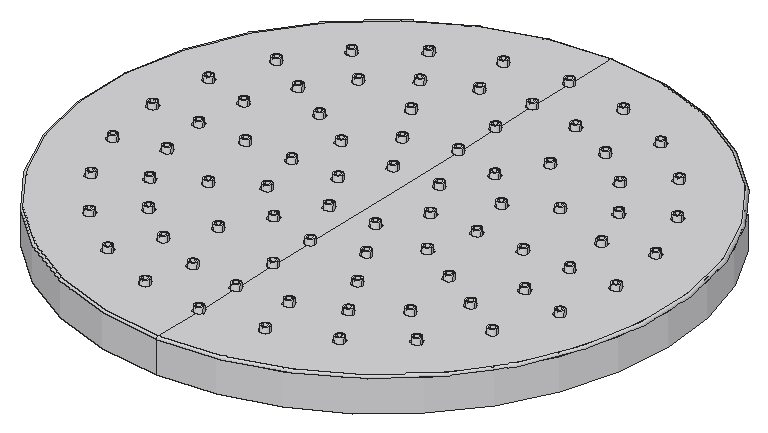
Revit family "Shower-Showerhead-KOHLER-Contemporary-K-99945T_1", category Plumbing Fixtures, host Face, Revit 2017 (continued)
Definition of nested family "K-99945T"
  Lines and regions (in)
    symbolic lines, detail levels medium+fine
      curve 273: arc (-0.73254, 2.51348, 0) -> (-0.67348, 2.57253, 0) -> (-0.61443, 2.51348, 0) r 0.05906
      curve 274: arc (-0.74907, 2.51348, 0) -> (-0.67348, 2.58907, 0) -> (-0.59789, 2.51348, 0) r 0.07559
      curve 275: arc (-0.61443, 2.51348, 0) -> (-0.67348, 2.45442, 0) -> (-0.73254, 2.51348, 0) r 0.05906
      curve 276: arc (-0.59789, 2.51348, 0) -> (-0.67348, 2.43789, 0) -> (-0.74907, 2.51348, 0) r 0.07559
      curve 277: arc (-0.68912, 1.12541, 0) -> (-0.64975, 1.08604, 0) -> (-0.61038, 1.12541, 0) r 0.03937
      curve 278: arc (-0.5907, 1.12541, 0) -> (-0.64975, 1.06635, 0) -> (-0.70881, 1.12541, 0) r 0.05906
      curve 279: arc (-0.61252, 1.06092, 0) -> (-0.71425, 1.08817, 0) -> (-0.68699, 1.1899, 0) r 0.07447
      curve 280: arc (-0.61038, 1.12541, 0) -> (-0.64975, 1.16478, 0) -> (-0.68912, 1.12541, 0) r 0.03937
      curve 281: arc (-0.70881, 1.12541, 0) -> (-0.64975, 1.18446, 0) -> (-0.5907, 1.12541, 0) r 0.05906
      curve 282: arc (-0.68699, 1.1899, 0) -> (-0.58526, 1.16264, 0) -> (-0.61252, 1.06092, 0) r 0.07447
      curve 283: arc (-0.93816, 1.62494, 0) -> (-1.03989, 1.6522, 0) -> (-1.01263, 1.75392, 0) r 0.07447
      curve 284: arc (-1.01263, 1.75392, 0) -> (-0.9109, 1.72667, 0) -> (-0.93816, 1.62494, 0) r 0.07447
      curve 285: arc (-1.03445, 1.68943, 0) -> (-0.97539, 1.74849, 0) -> (-0.91634, 1.68943, 0) r 0.05906
      curve 286: arc (-0.91634, 1.68943, 0) -> (-0.97539, 1.63038, 0) -> (-1.03445, 1.68943, 0) r 0.05906
      curve 287: arc (-1.01476, 1.68943, 0) -> (-0.97539, 1.65006, 0) -> (-0.93602, 1.68943, 0) r 0.03937
      curve 288: arc (-0.93602, 1.68943, 0) -> (-0.97539, 1.7288, 0) -> (-1.01476, 1.68943, 0) r 0.03937
      curve 289: arc (-1.33827, 2.31795, 0) -> (-1.23654, 2.29069, 0) -> (-1.2638, 2.18897, 0) r 0.07447
      curve 290: arc (-1.36009, 2.25346, 0) -> (-1.30103, 2.31251, 0) -> (-1.24198, 2.25346, 0) r 0.05906
      curve 291: arc (-1.26166, 2.25346, 0) -> (-1.30103, 2.29283, 0) -> (-1.3404, 2.25346, 0) r 0.03937
      curve 292: arc (-1.3404, 2.25346, 0) -> (-1.30103, 2.21409, 0) -> (-1.26166, 2.25346, 0) r 0.03937
      curve 293: arc (-1.24198, 2.25346, 0) -> (-1.30103, 2.1944, 0) -> (-1.36009, 2.25346, 0) r 0.05906
      curve 294: arc (-1.2638, 2.18897, 0) -> (-1.36553, 2.21622, 0) -> (-1.33827, 2.31795, 0) r 0.07447
      curve 295: arc (-1.68573, 2.81748, 0) -> (-1.62667, 2.87654, 0) -> (-1.56762, 2.81748, 0) r 0.05906
      curve 296: arc (-1.56762, 2.81748, 0) -> (-1.62667, 2.75843, 0) -> (-1.68573, 2.81748, 0) r 0.05906
      curve 297: arc (-1.66604, 2.81748, 0) -> (-1.62667, 2.77811, 0) -> (-1.5873, 2.81748, 0) r 0.03937
      curve 298: arc (-1.5873, 2.81748, 0) -> (-1.62667, 2.85685, 0) -> (-1.66604, 2.81748, 0) r 0.03937
      curve 299: arc (-1.58944, 2.75299, 0) -> (-1.69117, 2.78025, 0) -> (-1.66391, 2.88198, 0) r 0.07447
      curve 300: arc (-1.66391, 2.88198, 0) -> (-1.56218, 2.85472, 0) -> (-1.58944, 2.75299, 0) r 0.07447
      curve 301: arc (-2.23859, 2.30001, 0) -> (-2.29764, 2.24095, 0) -> (-2.3567, 2.30001, 0) r 0.05906
      curve 302: arc (-2.33701, 2.30001, 0) -> (-2.29764, 2.26064, 0) -> (-2.25827, 2.30001, 0) r 0.03937
      curve 303: arc (-2.25827, 2.30001, 0) -> (-2.29764, 2.33938, 0) -> (-2.33701, 2.30001, 0) r 0.03937
      curve 304: arc (-2.3567, 2.30001, 0) -> (-2.29764, 2.35906, 0) -> (-2.23859, 2.30001, 0) r 0.05906
      curve 305: arc (-2.37323, 2.30001, 0) -> (-2.29764, 2.3756, 0) -> (-2.22205, 2.30001, 0) r 0.07559
      curve 306: arc (-2.22205, 2.30001, 0) -> (-2.29764, 2.22442, 0) -> (-2.37323, 2.30001, 0) r 0.07559
      curve 307: arc (-1.87751, 1.83994, 0) -> (-1.83814, 1.80057, 0) -> (-1.79877, 1.83994, 0) r 0.03937
      curve 308: arc (-1.79877, 1.83994, 0) -> (-1.83814, 1.87931, 0) -> (-1.87751, 1.83994, 0) r 0.03937
      curve 309: arc (-1.89719, 1.83994, 0) -> (-1.83814, 1.89899, 0) -> (-1.77908, 1.83994, 0) r 0.05906
      curve 310: arc (-1.91373, 1.83994, 0) -> (-1.83814, 1.91553, 0) -> (-1.76255, 1.83994, 0) r 0.07559
      curve 311: arc (-1.76255, 1.83994, 0) -> (-1.83814, 1.76435, 0) -> (-1.91373, 1.83994, 0) r 0.07559
      curve 312: arc (-1.77908, 1.83994, 0) -> (-1.83814, 1.78088, 0) -> (-1.89719, 1.83994, 0) r 0.05906
      curve 313: arc (-2.73935, 1.62521, 0) -> (-2.81494, 1.54962, 0) -> (-2.89053, 1.62521, 0) r 0.07559
      curve 314: arc (-2.75588, 1.62521, 0) -> (-2.81494, 1.56615, 0) -> (-2.874, 1.62521, 0) r 0.05906
      curve 315: arc (-2.874, 1.62521, 0) -> (-2.81494, 1.56615, 0) -> (-2.75588, 1.62521, 0) r 0.05906
      curve 316: arc (-2.75588, 1.62521, 0) -> (-2.81494, 1.68426, 0) -> (-2.874, 1.62521, 0) r 0.05906
      curve 317: arc (-2.89053, 1.62521, 0) -> (-2.81494, 1.7008, 0) -> (-2.73935, 1.62521, 0) r 0.07559
      curve 318: arc (-2.77557, 1.62521, 0) -> (-2.81494, 1.66458, 0) -> (-2.85431, 1.62521, 0) r 0.03937
      curve 319: arc (-2.85431, 1.62521, 0) -> (-2.81494, 1.58584, 0) -> (-2.77557, 1.62521, 0) r 0.03937
      curve 320: arc (-2.29074, 1.29983, 0) -> (-2.25137, 1.26046, 0) -> (-2.212, 1.29983, 0) r 0.03937
      curve 321: arc (-2.212, 1.29983, 0) -> (-2.25137, 1.3392, 0) -> (-2.29074, 1.29983, 0) r 0.03937
      curve 322: arc (-2.31042, 1.29983, 0) -> (-2.25137, 1.35888, 0) -> (-2.19231, 1.29983, 0) r 0.05906
      curve 323: arc (-2.32698, 1.29983, 0) -> (-2.25137, 1.37544, 0) -> (-2.17575, 1.29983, 0) r 0.07561
      curve 324: arc (-2.17575, 1.29983, 0) -> (-2.25137, 1.22422, 0) -> (-2.32698, 1.29983, 0) r 0.07561
      curve 325: arc (-2.19231, 1.29983, 0) -> (-2.25137, 1.24077, 0) -> (-2.31042, 1.29983, 0) r 0.05906
      curve 326: arc (-1.65006, 0.97539, 0) -> (-1.68943, 1.01476, 0) -> (-1.7288, 0.97539, 0) r 0.03937
      curve 327: arc (-1.74849, 0.97539, 0) -> (-1.68943, 1.03445, 0) -> (-1.63038, 0.97539, 0) r 0.05906
      curve 328: arc (-1.76502, 0.97539, 0) -> (-1.68943, 1.05099, 0) -> (-1.61384, 0.97539, 0) r 0.07559
      curve 329: arc (-1.61384, 0.97539, 0) -> (-1.68943, 0.8998, 0) -> (-1.76502, 0.97539, 0) r 0.07559
      curve 330: arc (-1.63038, 0.97539, 0) -> (-1.68943, 0.91634, 0) -> (-1.74849, 0.97539, 0) r 0.05906
      curve 331: arc (-1.7288, 0.97539, 0) -> (-1.68943, 0.93602, 0) -> (-1.65006, 0.97539, 0) r 0.03937
      curve 332: arc (-1.08557, 0.64948, 0) -> (-1.12494, 0.68885, 0) -> (-1.16431, 0.64948, 0) r 0.03937
      curve 333: arc (-1.16431, 0.64948, 0) -> (-1.12494, 0.61011, 0) -> (-1.08557, 0.64948, 0) r 0.03937
      curve 334: arc (-1.06588, 0.64948, 0) -> (-1.12494, 0.59043, 0) -> (-1.18399, 0.64948, 0) r 0.05906
      curve 335: arc (-1.04935, 0.64948, 0) -> (-1.12494, 0.57389, 0) -> (-1.20053, 0.64948, 0) r 0.07559
      curve 336: arc (-1.18399, 0.64948, 0) -> (-1.12494, 0.70854, 0) -> (-1.06588, 0.64948, 0) r 0.05906
      curve 337: arc (-1.20053, 0.64948, 0) -> (-1.12494, 0.72507, 0) -> (-1.04935, 0.64948, 0) r 0.07559
      curve 338: arc (-2.55073, 0.67292, 0) -> (-2.51136, 0.63355, 0) -> (-2.47198, 0.67292, 0) r 0.03937
      curve 339: arc (-2.47198, 0.67292, 0) -> (-2.51136, 0.71229, 0) -> (-2.55073, 0.67292, 0) r 0.03937
      curve 340: arc (-2.57041, 0.67292, 0) -> (-2.51136, 0.73197, 0) -> (-2.4523, 0.67292, 0) r 0.05906
      curve 341: arc (-2.58659, 0.67292, 0) -> (-2.51136, 0.74815, 0) -> (-2.43612, 0.67292, 0) r 0.07524
      curve 342: arc (-2.4523, 0.67292, 0) -> (-2.51136, 0.61386, 0) -> (-2.57041, 0.67292, 0) r 0.05906
      curve 343: arc (-2.43612, 0.67292, 0) -> (-2.51136, 0.59768, 0) -> (-2.58659, 0.67292, 0) r 0.07524
      curve 344: arc (-3.19791, 0.84105, 0) -> (-3.13885, 0.782, 0) -> (-3.0798, 0.84105, 0) r 0.05906
      curve 345: arc (-3.0798, 0.84105, 0) -> (-3.13885, 0.90011, 0) -> (-3.19791, 0.84105, 0) r 0.05906
      curve 346: arc (-3.21444, 0.84105, 0) -> (-3.13885, 0.91664, 0) -> (-3.06326, 0.84105, 0) r 0.07559
      curve 347: arc (-3.17822, 0.84105, 0) -> (-3.13885, 0.80168, 0) -> (-3.09948, 0.84105, 0) r 0.03937
      curve 348: arc (-3.09948, 0.84105, 0) -> (-3.13885, 0.88042, 0) -> (-3.17822, 0.84105, 0) r 0.03937
      curve 349: arc (-3.06326, 0.84105, 0) -> (-3.13885, 0.76546, 0) -> (-3.21444, 0.84105, 0) r 0.07559
      curve 350: arc (-0.88083, -3.14036, 0) -> (-0.84146, -3.10099, 0) -> (-0.80209, -3.14036, 0) r 0.03937
      curve 351: arc (-0.80209, -3.14036, 0) -> (-0.84146, -3.17973, 0) -> (-0.88083, -3.14036, 0) r 0.03937
      curve 352: arc (-0.90051, -3.14036, 0) -> (-0.84146, -3.19941, 0) -> (-0.7824, -3.14036, 0) r 0.05906
      curve 353: arc (-0.91705, -3.14036, 0) -> (-0.84146, -3.21595, 0) -> (-0.76587, -3.14036, 0) r 0.07559
      curve 354: arc (-0.76587, -3.14036, 0) -> (-0.84146, -3.06477, 0) -> (-0.91705, -3.14036, 0) r 0.07559
      curve 355: arc (-0.7824, -3.14036, 0) -> (-0.84146, -3.0813, 0) -> (-0.90051, -3.14036, 0) r 0.05906
      curve 356: arc (-0.71285, -2.51348, 0) -> (-0.67348, -2.47411, 0) -> (-0.63411, -2.51348, 0) r 0.03937
      curve 357: arc (-0.63411, -2.51348, 0) -> (-0.67348, -2.55285, 0) -> (-0.71285, -2.51348, 0) r 0.03937
      curve 358: arc (-0.73254, -2.51348, 0) -> (-0.67348, -2.57253, 0) -> (-0.61443, -2.51348, 0) r 0.05906
      curve 359: arc (-0.74907, -2.51348, 0) -> (-0.67348, -2.58907, 0) -> (-0.59789, -2.51348, 0) r 0.07559
      curve 360: arc (-0.61443, -2.51348, 0) -> (-0.67348, -2.45442, 0) -> (-0.73254, -2.51348, 0) r 0.05906
      curve 361: arc (-0.59789, -2.51348, 0) -> (-0.67348, -2.43789, 0) -> (-0.74907, -2.51348, 0) r 0.07559
      curve 362: arc (-0.68912, -1.12541, 0) -> (-0.64975, -1.08604, 0) -> (-0.61038, -1.12541, 0) r 0.03937
      curve 363: arc (-0.5907, -1.12541, 0) -> (-0.64975, -1.06635, 0) -> (-0.70881, -1.12541, 0) r 0.05906
      curve 364: arc (-0.61252, -1.06092, 0) -> (-0.71425, -1.08817, 0) -> (-0.68699, -1.1899, 0) r 0.07447
      curve 365: arc (-0.61038, -1.12541, 0) -> (-0.64975, -1.16478, 0) -> (-0.68912, -1.12541, 0) r 0.03937
      curve 366: arc (-0.70881, -1.12541, 0) -> (-0.64975, -1.18446, 0) -> (-0.5907, -1.12541, 0) r 0.05906
      curve 367: arc (-0.68699, -1.1899, 0) -> (-0.58526, -1.16264, 0) -> (-0.61252, -1.06092, 0) r 0.07447
      curve 368: arc (-0.93816, -1.62494, 0) -> (-1.03989, -1.6522, 0) -> (-1.01263, -1.75392, 0) r 0.07447
      curve 369: arc (-1.01263, -1.75392, 0) -> (-0.9109, -1.72667, 0) -> (-0.93816, -1.62494, 0) r 0.07447
      curve 370: arc (-1.03445, -1.68943, 0) -> (-0.97539, -1.74849, 0) -> (-0.91634, -1.68943, 0) r 0.05906
      curve 371: arc (-0.91634, -1.68943, 0) -> (-0.97539, -1.63038, 0) -> (-1.03445, -1.68943, 0) r 0.05906
      curve 372: arc (-1.01476, -1.68943, 0) -> (-0.97539, -1.65006, 0) -> (-0.93602, -1.68943, 0) r 0.03937
      curve 373: arc (-0.93602, -1.68943, 0) -> (-0.97539, -1.7288, 0) -> (-1.01476, -1.68943, 0) r 0.03937
      curve 374: arc (-1.33827, -2.31795, 0) -> (-1.23654, -2.29069, 0) -> (-1.2638, -2.18897, 0) r 0.07447
      curve 375: arc (-1.36009, -2.25346, 0) -> (-1.30103, -2.31251, 0) -> (-1.24198, -2.25346, 0) r 0.05906
      curve 376: arc (-1.26166, -2.25346, 0) -> (-1.30103, -2.29283, 0) -> (-1.3404, -2.25346, 0) r 0.03937
      curve 377: arc (-1.3404, -2.25346, 0) -> (-1.30103, -2.21409, 0) -> (-1.26166, -2.25346, 0) r 0.03937
      curve 378: arc (-1.24198, -2.25346, 0) -> (-1.30103, -2.1944, 0) -> (-1.36009, -2.25346, 0) r 0.05906
      curve 379: arc (-1.2638, -2.18897, 0) -> (-1.36553, -2.21622, 0) -> (-1.33827, -2.31795, 0) r 0.07447
      curve 380: arc (-1.68573, -2.81748, 0) -> (-1.62667, -2.87654, 0) -> (-1.56762, -2.81748, 0) r 0.05906
      curve 381: arc (-1.56762, -2.81748, 0) -> (-1.62667, -2.75843, 0) -> (-1.68573, -2.81748, 0) r 0.05906
      curve 382: arc (-1.66604, -2.81748, 0) -> (-1.62667, -2.77811, 0) -> (-1.5873, -2.81748, 0) r 0.03937
      curve 383: arc (-1.5873, -2.81748, 0) -> (-1.62667, -2.85685, 0) -> (-1.66604, -2.81748, 0) r 0.03937
      curve 384: arc (-1.58944, -2.75299, 0) -> (-1.69117, -2.78025, 0) -> (-1.66391, -2.88198, 0) r 0.07447
      curve 385: arc (-1.66391, -2.88198, 0) -> (-1.56218, -2.85472, 0) -> (-1.58944, -2.75299, 0) r 0.07447
      curve 386: arc (-2.23859, -2.30001, 0) -> (-2.29764, -2.24095, 0) -> (-2.3567, -2.30001, 0) r 0.05906
      curve 387: arc (-2.33701, -2.30001, 0) -> (-2.29764, -2.26064, 0) -> (-2.25827, -2.30001, 0) r 0.03937
      curve 388: arc (-2.25827, -2.30001, 0) -> (-2.29764, -2.33938, 0) -> (-2.33701, -2.30001, 0) r 0.03937
      curve 389: arc (-2.3567, -2.30001, 0) -> (-2.29764, -2.35906, 0) -> (-2.23859, -2.30001, 0) r 0.05906
      curve 390: arc (-2.37323, -2.30001, 0) -> (-2.29764, -2.3756, 0) -> (-2.22205, -2.30001, 0) r 0.07559
      curve 391: arc (-2.22205, -2.30001, 0) -> (-2.29764, -2.22442, 0) -> (-2.37323, -2.30001, 0) r 0.07559
      curve 392: arc (-1.87751, -1.83994, 0) -> (-1.83814, -1.80057, 0) -> (-1.79877, -1.83994, 0) r 0.03937
      curve 393: arc (-1.79877, -1.83994, 0) -> (-1.83814, -1.87931, 0) -> (-1.87751, -1.83994, 0) r 0.03937
      curve 394: arc (-1.89719, -1.83994, 0) -> (-1.83814, -1.89899, 0) -> (-1.77908, -1.83994, 0) r 0.05906
      curve 395: arc (-1.91373, -1.83994, 0) -> (-1.83814, -1.91553, 0) -> (-1.76255, -1.83994, 0) r 0.07559
      curve 396: arc (-1.76255, -1.83994, 0) -> (-1.83814, -1.76435, 0) -> (-1.91373, -1.83994, 0) r 0.07559
      curve 397: arc (-1.77908, -1.83994, 0) -> (-1.83814, -1.78088, 0) -> (-1.89719, -1.83994, 0) r 0.05906
      curve 398: arc (-2.73935, -1.62521, 0) -> (-2.81494, -1.54962, 0) -> (-2.89053, -1.62521, 0) r 0.07559
      curve 399: arc (-2.75588, -1.62521, 0) -> (-2.81494, -1.56615, 0) -> (-2.874, -1.62521, 0) r 0.05906
      curve 400: arc (-2.874, -1.62521, 0) -> (-2.81494, -1.56615, 0) -> (-2.75588, -1.62521, 0) r 0.05906
      curve 401: arc (-2.75588, -1.62521, 0) -> (-2.81494, -1.68426, 0) -> (-2.874, -1.62521, 0) r 0.05906
      curve 402: arc (-2.89053, -1.62521, 0) -> (-2.81494, -1.7008, 0) -> (-2.73935, -1.62521, 0) r 0.07559
      curve 403: arc (-2.77557, -1.62521, 0) -> (-2.81494, -1.66458, 0) -> (-2.85431, -1.62521, 0) r 0.03937
      curve 404: arc (-2.85431, -1.62521, 0) -> (-2.81494, -1.58584, 0) -> (-2.77557, -1.62521, 0) r 0.03937
      curve 405: arc (-2.29074, -1.29983, 0) -> (-2.25137, -1.26046, 0) -> (-2.212, -1.29983, 0) r 0.03937
      curve 406: arc (-2.212, -1.29983, 0) -> (-2.25137, -1.3392, 0) -> (-2.29074, -1.29983, 0) r 0.03937
      curve 407: arc (-2.31042, -1.29983, 0) -> (-2.25137, -1.35888, 0) -> (-2.19231, -1.29983, 0) r 0.05906
      curve 408: arc (-2.32698, -1.29983, 0) -> (-2.25137, -1.37544, 0) -> (-2.17575, -1.29983, 0) r 0.07561
      curve 409: arc (-2.17575, -1.29983, 0) -> (-2.25137, -1.22422, 0) -> (-2.32698, -1.29983, 0) r 0.07561
      curve 410: arc (-2.19231, -1.29983, 0) -> (-2.25137, -1.24077, 0) -> (-2.31042, -1.29983, 0) r 0.05906
      curve 411: arc (-1.65006, -0.97539, 0) -> (-1.68943, -1.01476, 0) -> (-1.7288, -0.97539, 0) r 0.03937
      curve 412: arc (-1.74849, -0.97539, 0) -> (-1.68943, -1.03445, 0) -> (-1.63038, -0.97539, 0) r 0.05906
      curve 413: arc (-1.76502, -0.97539, 0) -> (-1.68943, -1.05099, 0) -> (-1.61384, -0.97539, 0) r 0.07559
      curve 414: arc (-1.61384, -0.97539, 0) -> (-1.68943, -0.8998, 0) -> (-1.76502, -0.97539, 0) r 0.07559
      curve 415: arc (-1.63038, -0.97539, 0) -> (-1.68943, -0.91634, 0) -> (-1.74849, -0.97539, 0) r 0.05906
      curve 416: arc (-1.7288, -0.97539, 0) -> (-1.68943, -0.93602, 0) -> (-1.65006, -0.97539, 0) r 0.03937
      curve 417: arc (-1.08557, -0.64948, 0) -> (-1.12494, -0.68885, 0) -> (-1.16431, -0.64948, 0) r 0.03937
      curve 418: arc (-1.16431, -0.64948, 0) -> (-1.12494, -0.61011, 0) -> (-1.08557, -0.64948, 0) r 0.03937
      curve 419: arc (-1.06588, -0.64948, 0) -> (-1.12494, -0.59043, 0) -> (-1.18399, -0.64948, 0) r 0.05906
      curve 420: arc (-1.04935, -0.64948, 0) -> (-1.12494, -0.57389, 0) -> (-1.20053, -0.64948, 0) r 0.07559
      curve 421: arc (-1.18399, -0.64948, 0) -> (-1.12494, -0.70854, 0) -> (-1.06588, -0.64948, 0) r 0.05906
      curve 422: arc (-1.20053, -0.64948, 0) -> (-1.12494, -0.72507, 0) -> (-1.04935, -0.64948, 0) r 0.07559
      curve 423: arc (-2.55073, -0.67292, 0) -> (-2.51136, -0.63355, 0) -> (-2.47198, -0.67292, 0) r 0.03937
      curve 424: arc (-2.47198, -0.67292, 0) -> (-2.51136, -0.71229, 0) -> (-2.55073, -0.67292, 0) r 0.03937
      curve 425: arc (-2.57041, -0.67292, 0) -> (-2.51136, -0.73197, 0) -> (-2.4523, -0.67292, 0) r 0.05906
      curve 426: arc (-2.58659, -0.67292, 0) -> (-2.51136, -0.74815, 0) -> (-2.43612, -0.67292, 0) r 0.07524
      curve 427: arc (-2.4523, -0.67292, 0) -> (-2.51136, -0.61386, 0) -> (-2.57041, -0.67292, 0) r 0.05906
      curve 428: arc (-2.43612, -0.67292, 0) -> (-2.51136, -0.59768, 0) -> (-2.58659, -0.67292, 0) r 0.07524
      curve 429: arc (-3.19791, -0.84105, 0) -> (-3.13885, -0.782, 0) -> (-3.0798, -0.84105, 0) r 0.05906
      curve 430: arc (-3.0798, -0.84105, 0) -> (-3.13885, -0.90011, 0) -> (-3.19791, -0.84105, 0) r 0.05906
      curve 431: arc (-3.21444, -0.84105, 0) -> (-3.13885, -0.91664, 0) -> (-3.06326, -0.84105, 0) r 0.07559
      curve 432: arc (-3.17822, -0.84105, 0) -> (-3.13885, -0.80168, 0) -> (-3.09948, -0.84105, 0) r 0.03937
      curve 433: arc (-3.09948, -0.84105, 0) -> (-3.13885, -0.88042, 0) -> (-3.17822, -0.84105, 0) r 0.03937
      curve 434: arc (-3.06326, -0.84105, 0) -> (-3.13885, -0.76546, 0) -> (-3.21444, -0.84105, 0) r 0.07559
      curve 435: arc (0.88083, -3.14036, 0) -> (0.84146, -3.10099, 0) -> (0.80209, -3.14036, 0) r 0.03937
      curve 436: arc (0.80209, -3.14036, 0) -> (0.84146, -3.17973, 0) -> (0.88083, -3.14036, 0) r 0.03937
      curve 437: arc (0.90051, -3.14036, 0) -> (0.84146, -3.19941, 0) -> (0.7824, -3.14036, 0) r 0.05906
      curve 438: arc (0.91705, -3.14036, 0) -> (0.84146, -3.21595, 0) -> (0.76587, -3.14036, 0) r 0.07559
      curve 439: arc (0.76587, -3.14036, 0) -> (0.84146, -3.06477, 0) -> (0.91705, -3.14036, 0) r 0.07559
      curve 440: arc (0.7824, -3.14036, 0) -> (0.84146, -3.0813, 0) -> (0.90051, -3.14036, 0) r 0.05906
      curve 441: arc (0.71285, -2.51348, 0) -> (0.67348, -2.47411, 0) -> (0.63411, -2.51348, 0) r 0.03937
      curve 442: arc (0.63411, -2.51348, 0) -> (0.67348, -2.55285, 0) -> (0.71285, -2.51348, 0) r 0.03937
      curve 443: arc (0.73254, -2.51348, 0) -> (0.67348, -2.57253, 0) -> (0.61443, -2.51348, 0) r 0.05906
      curve 444: arc (0.74907, -2.51348, 0) -> (0.67348, -2.58907, 0) -> (0.59789, -2.51348, 0) r 0.07559
      curve 445: arc (0.61443, -2.51348, 0) -> (0.67348, -2.45442, 0) -> (0.73254, -2.51348, 0) r 0.05906
      curve 446: arc (0.59789, -2.51348, 0) -> (0.67348, -2.43789, 0) -> (0.74907, -2.51348, 0) r 0.07559
      curve 447: arc (0.68912, -1.12541, 0) -> (0.64975, -1.08604, 0) -> (0.61038, -1.12541, 0) r 0.03937
      curve 448: arc (0.5907, -1.12541, 0) -> (0.64975, -1.06635, 0) -> (0.70881, -1.12541, 0) r 0.05906
      curve 449: arc (0.61252, -1.06092, 0) -> (0.71425, -1.08817, 0) -> (0.68699, -1.1899, 0) r 0.07447
      curve 450: arc (0.61038, -1.12541, 0) -> (0.64975, -1.16478, 0) -> (0.68912, -1.12541, 0) r 0.03937
      curve 451: arc (0.70881, -1.12541, 0) -> (0.64975, -1.18446, 0) -> (0.5907, -1.12541, 0) r 0.05906
      curve 452: arc (0.68699, -1.1899, 0) -> (0.58526, -1.16264, 0) -> (0.61252, -1.06092, 0) r 0.07447
      curve 453: arc (0.93816, -1.62494, 0) -> (1.03989, -1.6522, 0) -> (1.01263, -1.75392, 0) r 0.07447
      curve 454: arc (1.01263, -1.75392, 0) -> (0.9109, -1.72667, 0) -> (0.93816, -1.62494, 0) r 0.07447
      curve 455: arc (1.03445, -1.68943, 0) -> (0.97539, -1.74849, 0) -> (0.91634, -1.68943, 0) r 0.05906
      curve 456: arc (0.91634, -1.68943, 0) -> (0.97539, -1.63038, 0) -> (1.03445, -1.68943, 0) r 0.05906
      curve 457: arc (1.01476, -1.68943, 0) -> (0.97539, -1.65006, 0) -> (0.93602, -1.68943, 0) r 0.03937
      curve 458: arc (0.93602, -1.68943, 0) -> (0.97539, -1.7288, 0) -> (1.01476, -1.68943, 0) r 0.03937
      curve 459: arc (1.33827, -2.31795, 0) -> (1.23654, -2.29069, 0) -> (1.2638, -2.18897, 0) r 0.07447
      curve 460: arc (1.36009, -2.25346, 0) -> (1.30103, -2.31251, 0) -> (1.24198, -2.25346, 0) r 0.05906
      curve 461: arc (1.26166, -2.25346, 0) -> (1.30103, -2.29283, 0) -> (1.3404, -2.25346, 0) r 0.03937
      curve 462: arc (1.3404, -2.25346, 0) -> (1.30103, -2.21409, 0) -> (1.26166, -2.25346, 0) r 0.03937
      curve 463: arc (1.24198, -2.25346, 0) -> (1.30103, -2.1944, 0) -> (1.36009, -2.25346, 0) r 0.05906
      curve 464: arc (1.2638, -2.18897, 0) -> (1.36553, -2.21622, 0) -> (1.33827, -2.31795, 0) r 0.07447
      curve 465: arc (1.68573, -2.81748, 0) -> (1.62667, -2.87654, 0) -> (1.56762, -2.81748, 0) r 0.05906
      curve 466: arc (1.56762, -2.81748, 0) -> (1.62667, -2.75843, 0) -> (1.68573, -2.81748, 0) r 0.05906
      curve 467: arc (1.66604, -2.81748, 0) -> (1.62667, -2.77811, 0) -> (1.5873, -2.81748, 0) r 0.03937
      curve 468: arc (1.5873, -2.81748, 0) -> (1.62667, -2.85685, 0) -> (1.66604, -2.81748, 0) r 0.03937
      curve 469: arc (1.58944, -2.75299, 0) -> (1.69117, -2.78025, 0) -> (1.66391, -2.88198, 0) r 0.07447
      curve 470: arc (1.66391, -2.88198, 0) -> (1.56218, -2.85472, 0) -> (1.58944, -2.75299, 0) r 0.07447
      curve 471: arc (2.23859, -2.30001, 0) -> (2.29764, -2.24095, 0) -> (2.3567, -2.30001, 0) r 0.05906
      curve 472: arc (2.33701, -2.30001, 0) -> (2.29764, -2.26064, 0) -> (2.25827, -2.30001, 0) r 0.03937
      curve 473: arc (2.25827, -2.30001, 0) -> (2.29764, -2.33938, 0) -> (2.33701, -2.30001, 0) r 0.03937
      curve 474: arc (2.3567, -2.30001, 0) -> (2.29764, -2.35906, 0) -> (2.23859, -2.30001, 0) r 0.05906
      curve 475: arc (2.37323, -2.30001, 0) -> (2.29764, -2.3756, 0) -> (2.22205, -2.30001, 0) r 0.07559
      curve 476: arc (2.22205, -2.30001, 0) -> (2.29764, -2.22442, 0) -> (2.37323, -2.30001, 0) r 0.07559
      curve 477: arc (1.87751, -1.83994, 0) -> (1.83814, -1.80057, 0) -> (1.79877, -1.83994, 0) r 0.03937
      curve 478: arc (1.79877, -1.83994, 0) -> (1.83814, -1.87931, 0) -> (1.87751, -1.83994, 0) r 0.03937
      curve 479: arc (1.89719, -1.83994, 0) -> (1.83814, -1.89899, 0) -> (1.77908, -1.83994, 0) r 0.05906
      curve 480: arc (1.91373, -1.83994, 0) -> (1.83814, -1.91553, 0) -> (1.76255, -1.83994, 0) r 0.07559
      curve 481: arc (1.76255, -1.83994, 0) -> (1.83814, -1.76435, 0) -> (1.91373, -1.83994, 0) r 0.07559
      curve 482: arc (1.77908, -1.83994, 0) -> (1.83814, -1.78088, 0) -> (1.89719, -1.83994, 0) r 0.05906
      curve 483: arc (2.73935, -1.62521, 0) -> (2.81494, -1.54962, 0) -> (2.89053, -1.62521, 0) r 0.07559
      curve 484: arc (2.75588, -1.62521, 0) -> (2.81494, -1.56615, 0) -> (2.874, -1.62521, 0) r 0.05906
      curve 485: arc (2.874, -1.62521, 0) -> (2.81494, -1.56615, 0) -> (2.75588, -1.62521, 0) r 0.05906
      curve 486: arc (2.75588, -1.62521, 0) -> (2.81494, -1.68426, 0) -> (2.874, -1.62521, 0) r 0.05906
      curve 487: arc (2.89053, -1.62521, 0) -> (2.81494, -1.7008, 0) -> (2.73935, -1.62521, 0) r 0.07559
      curve 488: arc (2.77557, -1.62521, 0) -> (2.81494, -1.66458, 0) -> (2.85431, -1.62521, 0) r 0.03937
      curve 489: arc (2.85431, -1.62521, 0) -> (2.81494, -1.58584, 0) -> (2.77557, -1.62521, 0) r 0.03937
      curve 490: arc (2.29074, -1.29983, 0) -> (2.25137, -1.26046, 0) -> (2.212, -1.29983, 0) r 0.03937
      curve 491: arc (2.212, -1.29983, 0) -> (2.25137, -1.3392, 0) -> (2.29074, -1.29983, 0) r 0.03937
      curve 492: arc (2.31042, -1.29983, 0) -> (2.25137, -1.35888, 0) -> (2.19231, -1.29983, 0) r 0.05906
      curve 493: arc (2.32698, -1.29983, 0) -> (2.25137, -1.37544, 0) -> (2.17575, -1.29983, 0) r 0.07561
      curve 494: arc (2.17575, -1.29983, 0) -> (2.25137, -1.22422, 0) -> (2.32698, -1.29983, 0) r 0.07561
      curve 495: arc (2.19231, -1.29983, 0) -> (2.25137, -1.24077, 0) -> (2.31042, -1.29983, 0) r 0.05906
      curve 496: arc (1.65006, -0.97539, 0) -> (1.68943, -1.01476, 0) -> (1.7288, -0.97539, 0) r 0.03937
      curve 497: arc (1.74849, -0.97539, 0) -> (1.68943, -1.03445, 0) -> (1.63038, -0.97539, 0) r 0.05906
      curve 498: arc (1.76502, -0.97539, 0) -> (1.68943, -1.05099, 0) -> (1.61384, -0.97539, 0) r 0.07559
      curve 499: arc (1.61384, -0.97539, 0) -> (1.68943, -0.8998, 0) -> (1.76502, -0.97539, 0) r 0.07559
      curve 500: arc (1.63038, -0.97539, 0) -> (1.68943, -0.91634, 0) -> (1.74849, -0.97539, 0) r 0.05906
      curve 501: arc (1.7288, -0.97539, 0) -> (1.68943, -0.93602, 0) -> (1.65006, -0.97539, 0) r 0.03937
      curve 502: arc (1.08557, -0.64948, 0) -> (1.12494, -0.68885, 0) -> (1.16431, -0.64948, 0) r 0.03937
      curve 503: arc (1.16431, -0.64948, 0) -> (1.12494, -0.61011, 0) -> (1.08557, -0.64948, 0) r 0.03937
      curve 504: arc (1.06588, -0.64948, 0) -> (1.12494, -0.59043, 0) -> (1.18399, -0.64948, 0) r 0.05906
      curve 505: arc (1.04935, -0.64948, 0) -> (1.12494, -0.57389, 0) -> (1.20053, -0.64948, 0) r 0.07559
      curve 506: arc (1.18399, -0.64948, 0) -> (1.12494, -0.70854, 0) -> (1.06588, -0.64948, 0) r 0.05906
      curve 507: arc (1.20053, -0.64948, 0) -> (1.12494, -0.72507, 0) -> (1.04935, -0.64948, 0) r 0.07559
      curve 508: arc (2.55073, -0.67292, 0) -> (2.51136, -0.63355, 0) -> (2.47198, -0.67292, 0) r 0.03937
      curve 509: arc (2.47198, -0.67292, 0) -> (2.51136, -0.71229, 0) -> (2.55073, -0.67292, 0) r 0.03937
      curve 510: arc (2.57041, -0.67292, 0) -> (2.51136, -0.73197, 0) -> (2.4523, -0.67292, 0) r 0.05906
      curve 511: arc (2.58659, -0.67292, 0) -> (2.51136, -0.74815, 0) -> (2.43612, -0.67292, 0) r 0.07524
      curve 512: arc (2.4523, -0.67292, 0) -> (2.51136, -0.61386, 0) -> (2.57041, -0.67292, 0) r 0.05906
      curve 513: arc (2.43612, -0.67292, 0) -> (2.51136, -0.59768, 0) -> (2.58659, -0.67292, 0) r 0.07524
      curve 514: arc (3.19791, -0.84105, 0) -> (3.13885, -0.782, 0) -> (3.0798, -0.84105, 0) r 0.05906
      curve 515: arc (3.0798, -0.84105, 0) -> (3.13885, -0.90011, 0) -> (3.19791, -0.84105, 0) r 0.05906
      curve 516: arc (3.21444, -0.84105, 0) -> (3.13885, -0.91664, 0) -> (3.06326, -0.84105, 0) r 0.07559
      curve 517: arc (3.17822, -0.84105, 0) -> (3.13885, -0.80168, 0) -> (3.09948, -0.84105, 0) r 0.03937
      curve 518: arc (3.09948, -0.84105, 0) -> (3.13885, -0.88042, 0) -> (3.17822, -0.84105, 0) r 0.03937
      curve 519: arc (3.06326, -0.84105, 0) -> (3.13885, -0.76546, 0) -> (3.21444, -0.84105, 0) r 0.07559
      curve 520: arc (-3.17634, 0, 0) -> (-3.25193, 0.07559, 0) -> (-3.32752, 0, 0) r 0.07559
      curve 521: arc (-3.19288, 0, 0) -> (-3.25193, 0.05906, 0) -> (-3.31099, 0, 0) r 0.05906
      curve 522: arc (-3.31099, 0, 0) -> (-3.25193, 0.05906, 0) -> (-3.19288, 0, 0) r 0.05906
      curve 523: arc (-3.19288, 0, 0) -> (-3.25193, -0.05906, 0) -> (-3.31099, 0, 0) r 0.05906
      curve 524: arc (-3.31099, 0, 0) -> (-3.25193, -0.05906, 0) -> (-3.19288, 0, 0) r 0.05906
      curve 525: arc (-3.32752, 0, 0) -> (-3.25193, -0.07559, 0) -> (-3.17634, 0, 0) r 0.07559
      curve 526: arc (-3.21256, 0, 0) -> (-3.25193, -0.03937, 0) -> (-3.2913, 0, 0) r 0.03937
      curve 527: arc (-3.2913, 0, 0) -> (-3.25193, 0.03937, 0) -> (-3.21256, 0, 0) r 0.03937
      curve 528: arc (-2.6413, 0, 0) -> (-2.60193, 0.03937, 0) -> (-2.56256, 0, 0) r 0.03937
      curve 529: arc (-2.54288, 0, 0) -> (-2.60193, 0.05906, 0) -> (-2.66099, 0, 0) r 0.05906
      curve 530: arc (-2.52634, 0, 0) -> (-2.60193, 0.07559, 0) -> (-2.67752, 0, 0) r 0.07559
      curve 531: arc (-2.56256, 0, 0) -> (-2.60193, -0.03937, 0) -> (-2.6413, 0, 0) r 0.03937
      curve 532: arc (-2.66099, 0, 0) -> (-2.60193, -0.05906, 0) -> (-2.54288, 0, 0) r 0.05906
      curve 533: arc (-2.67752, 0, 0) -> (-2.60193, -0.07559, 0) -> (-2.52634, 0, 0) r 0.07559
      curve 534: arc (-1.98847, 0, 0) -> (-1.9491, 0.03937, 0) -> (-1.90973, 0, 0) r 0.03937
      curve 535: arc (-1.89004, 0, 0) -> (-1.9491, 0.05906, 0) -> (-2.00815, 0, 0) r 0.05906
      curve 536: arc (-1.87351, 0, 0) -> (-1.9491, 0.07559, 0) -> (-2.02469, 0, 0) r 0.07559
      curve 537: arc (-1.90973, 0, 0) -> (-1.9491, -0.03937, 0) -> (-1.98847, 0, 0) r 0.03937
      curve 538: arc (-2.00815, 0, 0) -> (-1.9491, -0.05906, 0) -> (-1.89004, 0, 0) r 0.05906
      curve 539: arc (-2.02469, 0, 0) -> (-1.9491, -0.07559, 0) -> (-1.87351, 0, 0) r 0.07559
      curve 540: arc (-1.33888, 0, 0) -> (-1.29951, 0.03937, 0) -> (-1.26014, 0, 0) r 0.03937
      curve 541: arc (-1.26014, 0, 0) -> (-1.29951, -0.03937, 0) -> (-1.33888, 0, 0) r 0.03937
      curve 542: arc (-1.35856, 0, 0) -> (-1.29951, -0.05906, 0) -> (-1.24045, 0, 0) r 0.05906
      curve 543: arc (-1.3751, 0, 0) -> (-1.29951, -0.07559, 0) -> (-1.22392, 0, 0) r 0.07559
      curve 544: arc (-1.24045, 0, 0) -> (-1.29951, 0.05906, 0) -> (-1.35856, 0, 0) r 0.05906
      curve 545: arc (-1.22392, 0, 0) -> (-1.29951, 0.07559, 0) -> (-1.3751, 0, 0) r 0.07559
      curve 546: arc (-0.57264, 0, 0) -> (-0.64823, 0.07559, 0) -> (-0.72382, 0, 0) r 0.07559
      curve 547: arc (-0.58917, 0, 0) -> (-0.64823, 0.05906, 0) -> (-0.70728, 0, 0) r 0.05906
      curve 548: arc (-0.6876, 0, 0) -> (-0.64823, 0.03937, 0) -> (-0.60886, 0, 0) r 0.03937
      curve 549: arc (-0.60886, 0, 0) -> (-0.64823, -0.03937, 0) -> (-0.6876, 0, 0) r 0.03937
      curve 550: arc (-0.70728, 0, 0) -> (-0.64823, -0.05906, 0) -> (-0.58917, 0, 0) r 0.05906
      curve 551: arc (-0.72382, 0, 0) -> (-0.64823, -0.07559, 0) -> (-0.57264, 0, 0) r 0.07559
      curve 552: arc (-0.25047, 0.56213, 0) -> (-0.32606, 0.63772, 0) -> (-0.40165, 0.56213, 0) r 0.07559
      curve 553: arc (-0.26701, 0.56213, 0) -> (-0.32606, 0.62119, 0) -> (-0.38512, 0.56213, 0) r 0.05906
      curve 554: arc (-0.36543, 0.56213, 0) -> (-0.32606, 0.6015, 0) -> (-0.28669, 0.56213, 0) r 0.03937
      curve 555: arc (-0.28669, 0.56213, 0) -> (-0.32606, 0.52276, 0) -> (-0.36543, 0.56213, 0) r 0.03937
      curve 556: arc (-0.38512, 0.56213, 0) -> (-0.32606, 0.50308, 0) -> (-0.26701, 0.56213, 0) r 0.05906
      curve 557: arc (-0.40165, 0.56213, 0) -> (-0.32606, 0.48654, 0) -> (-0.25047, 0.56213, 0) r 0.07559
      curve 558: arc (-0.36543, -0.56213, 0) -> (-0.32606, -0.52276, 0) -> (-0.28669, -0.56213, 0) r 0.03937
      curve 559: arc (-0.26701, -0.56213, 0) -> (-0.32606, -0.50308, 0) -> (-0.38512, -0.56213, 0) r 0.05906
      curve 560: arc (-0.25047, -0.56213, 0) -> (-0.32606, -0.48654, 0) -> (-0.40165, -0.56213, 0) r 0.07559
      curve 561: arc (-0.40165, -0.56213, 0) -> (-0.32606, -0.63772, 0) -> (-0.25047, -0.56213, 0) r 0.07559
      curve 562: arc (-0.28669, -0.56213, 0) -> (-0.32606, -0.6015, 0) -> (-0.36543, -0.56213, 0) r 0.03937
      curve 563: arc (-0.38512, -0.56213, 0) -> (-0.32606, -0.62119, 0) -> (-0.26701, -0.56213, 0) r 0.05906
      curve 564: arc (0, 3.93783, 0) -> (3.93783, 0, 0) -> (0, -3.93783, 0) r 3.93783
      curve 565: arc (0, -3.93783, 0) -> (-3.93783, 0, 0) -> (0, 3.93783, 0) r 3.93783
      curve 566: line (0, 0.74895, 2.04724) -> (0, -0.74895, 2.04724)
      curve 567: line (0, 0.43472, 1.26188) -> (0, -0.43472, 1.26188)
      curve 568: line (0, 0.5184, 1.26976) -> (0, -0.5184, 1.26976)
      curve 569: line (0, 0.35483, 1.13407) -> (0, -0.35483, 1.13407)
      curve 570: line (0, 0.3664, 1.16354) -> (0, -0.3664, 1.16354)
      curve 571: line (0, 0.35483, 1.02404) -> (0, -0.35483, 1.02404)
      curve 572: line (0, -0.37206, 0.99849) -> (0, 0.37206, 0.99849)
      curve 573: line (0, 3.99606, 2.49681) -> (0, -3.99606, 2.49681)
      curve 574: line (-0.75244, 0, 2.04724) -> (0.75244, 0, 2.04724)
      curve 575: line (-0.43472, 0, 1.26188) -> (0.43472, 0, 1.26188)
      curve 576: line (-0.5184, 0, 1.26976) -> (0.5184, 0, 1.26976)
      curve 577: line (-0.69832, 0, 1.30278) -> (0.69832, 0, 1.30278)
      curve 578: line (-0.3554, 0, 1.13053) -> (0.3554, 0, 1.13053)
      curve 579: line (-0.36707, 0, 1.16009) -> (0.36707, 0, 1.16009)
      curve 580: line (-0.3554, 0, 1.02414) -> (0.3554, 0, 1.02414)
      curve 581: line (-0.37264, 0, 0.99859) -> (0.37264, 0, 0.99859)
      curve 582: line (-0.18729, 0, 0.47244) -> (-0.18729, 0, 0.93372)
      curve 583: line (0.18729, 0, 0.9297) -> (0.18729, 0, 0.47244)
      curve 584: line (-0.18729, 0, 0.47244) -> (0.18729, 0, 0.47244)
      curve 585: line (-0.47184, 0, 0.93992) -> (-0.1866, 0, 0.93992)
      curve 586: line (-0.45461, 0, 0.96547) -> (-0.13553, 0, 0.96547)
      curve 587: line (0.13928, 0, 0.96547) -> (0.45461, 0, 0.96547)
      curve 588: line (0.1857, 0, 0.93992) -> (0.47184, 0, 0.93992)
      curve 589: arc (-0.16307, 0, 0.96176) -> (-0.14931, 0, 0.9637) -> (-0.13553, 0, 0.96547) r 1.13252
      curve 590: arc (-0.18729, 0, 0.93372) -> (-0.1804, 0, 0.95224) -> (-0.16307, 0, 0.96176) r 0.02835
      curve 591: arc (0.15834, 0, 0.96298) -> (0.17904, 0, 0.95176) -> (0.18729, 0, 0.9297) r 0.03359
      curve 592: arc (0.13928, 0, 0.96547) -> (0.14881, 0, 0.96426) -> (0.15834, 0, 0.96298) r 1.13252
      curve 593: arc (-0.13553, 0, 0.96547) -> (0.00188, 0, 0.97384) -> (0.13928, 0, 0.96547) r 1.13252
      curve 594: line (0, 0.43306, 0.96406) -> (0, -0.43308, 0.96406)
      curve 595: line (0, 0.43306, 0.93959) -> (0, -0.43308, 0.93959)
      curve 596: line (0, 0.695, 1.30288) -> (0, -0.695, 1.30288)
      curve 597: line (-3.99606, 0, 2.49681) -> (3.99606, 0, 2.49681)
  Dimensions and locks (in)
    plane 5 to plane 12 = 2.44094"
    locked: plane 12 to level at 0.15748
    locked: plane 5 to plane 12 at 2.44094
    locked: plane 10 to plane 9 at 7.99213
    locked: plane 1 "Center (Front/Back)" to plane 4 at 3.99606
    locked: plane 6 to plane 4 at 7.99213
    locked: plane 5 to plane 8 at 0.55118
    plane 10 to plane 9 = 7.99213"
    aligned and locked: plane 2 to level
    aligned and locked: curve 238 to Extrusion 3
Types (3): name | Type | Product Page URL | Product Documentation Link | Model
  (no name) | 1 | "https://www.kohler.com.cn/en/product/K-99945T-CL-CP/K-99945T-CL-CP/" | "https://files.kohler.com.cn/pdfs/ri-99945T.pdf" | "K-99945T-CL-CP"
  Without Katalyst Air Induction Technology , CP-Polished Chrome | 1 | "https://www.kohler.com.cn/en/product/K-99945T-CL-CP/K-99945T-CL-CP/" | "https://files.kohler.com.cn/pdfs/ri-99945T.pdf" | "K-99945T-CL-CP"
  With Katalyst Air Induction Technology , CP-Polished Chrome | 2 | "" | "" | "K-99945T-E-CP "
